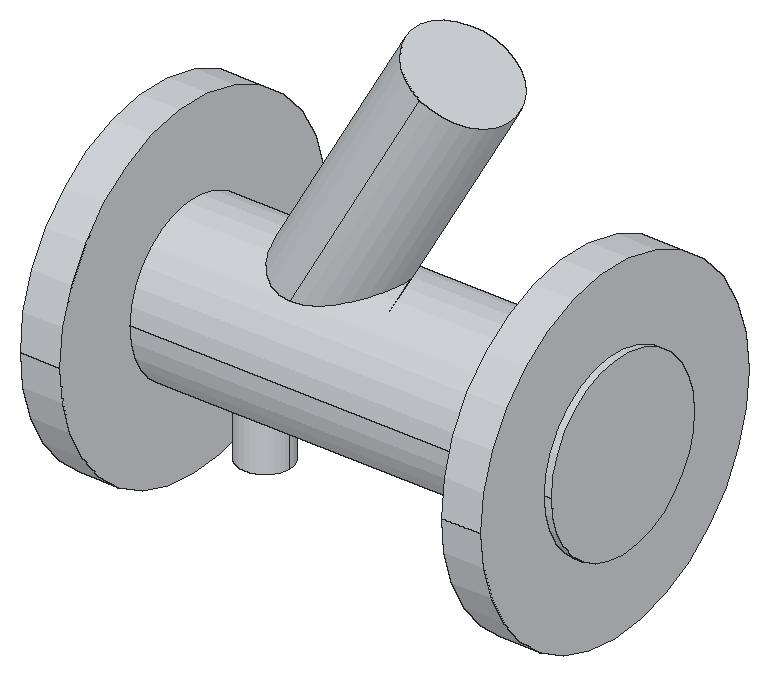
Revit family "HS 821-síto_standard-PN25-DN020-RFA_2019", category Pipe Accessories, Revit 2019
Family settings
  Round Connector Dimension = Use Diameter
  Part Type = Breaks Into
  Work Plane-Based = No
  Always vertical = Yes
  Cut with Voids When Loaded = No
  Shared = No
Parameters (values of type "821D-DN020-PN25-síto_standard")
  magiProductId = "270e0f14012f47189cd0235c18faee"
  magiProductFamilyId = "79214ac3aaa945e397802f559f5c1e"
  magiPartTypeId = 307
  isMeasuringValve [instance] = no
  ang2D [instance] = 0.00°
  ZB__ve = -ZB  # -17.75 mm
  ZB1 = 22.68 mm
  ZB = 17.75 mm
  X2 = 51.673 mm
  X1 = 21 mm
  W2D = 15 mm
  VersionID = "2.0/2017.9.26.1/ZETKAMA_821_001"
  Use Minimum Symbol Size [instance] = yes
  URL = "www.hydronic.cz"
  Type Comments = "Filtr přírubový; síto standardní; A-PN16 (-10~300°C); D-PN25 (-10~350°C); F-PN40 (-10~400°C)"
  S = 56 mm
  QmdConnectorList = "301;D;302;D"
  Productdata [instance] = ""
  Manufacturer = "Hydronic Systems Prague s.r.o."
  MC Product Code = "200 220 (821D; DN020; PN25; kvs11,2; oko síta 1,00mm)"
  LM1 = 12 mm
  LM = 120 mm
  L4 = 37.5 mm
  L2D_Min = 3048 mm
  L2D = 130 mm
  L2 = 75 mm
  HH2 = 89.5 mm
  FD = 105 mm
  Description = "Filtr přírubový; síto standardní; 821A-PN16; 821D-PN25; 821F-PN40"
  DM1 = 33.6 mm
  DM = 50.4 mm
  D = 20 mm
  CC = 2.55 mm
  CAT0 = yes
  C1 = 12.45 mm
  C = 15 mm
  BD = 15.876 mm
Types (40, lengths in mm): name | magiProductId | ZB__ve | ZB1 | ZB | X2 | X1 | S | MC Product Code | LM1 | LM | L4 | L2 | HH2 | FD | DM1 | DM | D | CC | C1 | C | BD
  821A-DN015-PN16-síto_standard | "a71bcfe8b393460598b23e8ddf7dc5" | -16.25 | 18.63 | 16.25 | 46.982 | 18.2 | 46 | "200 115 (821A; DN015; PN16; kvs6,3; oko síta 1,00mm)" | 10.4 | 104 | 32.5 | 65 | 81.375 | 95 | 27.6 | 41.4 | 15 | 2.21 | 10.79 | 13 | 13.041
  821A-DN020-PN16-síto_standard | "41cd6c7a12924f4991217528336076" | -17.75 | 22.68 | 17.75 | 51.673 | 21 | 56 | "200 120 (821A; DN020; PN16; kvs11,2; oko síta 1,00mm)" | 12 | 120 | 37.5 | 75 | 89.5 | 105 | 33.6 | 50.4 | 20 | 2.55 | 12.45 | 15 | 15.876
  821A-DN025-PN16-síto_standard | "be378b463ed14c3abf4c9b3ae8cf3a" | -19.25 | 26.325 | 19.25 | 58.601 | 22.4 | 65 | "200 125 (821A; DN025; PN16; kvs14,7; oko síta 1,00mm)" | 12.8 | 128 | 40 | 80 | 101.5 | 115 | 43.2 | 58.5 | 25 | 2.72 | 13.28 | 16 | 18.427
  821A-DN032-PN16-síto_standard | "227a0d18b21540afabe8b6067d35fa" | -23 | 30.78 | 23 | 68.849 | 25.2 | 76 | "200 132 (821A; DN032; PN16; kvs23,7; oko síta 1,00mm)" | 14.4 | 144 | 45 | 90 | 119.25 | 140 | 50.4 | 68.4 | 32 | 3.06 | 14.94 | 18 | 21.546
  821A-DN040-PN16-síto_standard | "d106917c74724141a10440112d0102" | -24.5 | 34.02 | 24.5 | 75.777 | 28 | 84 | "200 140 (821A; DN040; PN16; kvs37,7; oko síta 1,00mm)" | 16 | 160 | 50 | 100 | 131.25 | 150 | 60 | 75.6 | 40 | 3.4 | 16.6 | 20 | 23.814
  821A-DN050-PN16-síto_standard | "8255d456a09e4f6486734f5dd9171b" | -26.75 | 40.095 | 26.75 | 79.061 | 32.2 | 99 | "200 150 (821A; DN050 PN16; kvs57,9; oko síta 1,00mm)" | 18.4 | 184 | 57.5 | 115 | 136.938 | 165 | 73.8 | 89.1 | 50 | 3.91 | 19.09 | 23 | 28.066
  821A-DN065-PN16-síto_standard | "235b1b3e4c0843779a4d5e3716d40a" | -29.75 | 47.79 | 29.75 | 86.927 | 40.6 | 118 | "200 165 (821A; DN065; PN16; kvs101,5; oko síta 1,25mm)" | 23.2 | 232 | 72.5 | 145 | 150.562 | 185 | 94.2 | 106.2 | 65 | 4.93 | 24.07 | 29 | 33.453
  821A-DN080-PN16-síto_standard | "a067f7c5236348ed8c820d16df7214" | -32 | 53.46 | 32 | 104.753 | 43.4 | 132 | "200 180 (821A; DN080; PN16; kvs147,4; oko síta 1,25mm)" | 24.8 | 248 | 77.5 | 155 | 181.438 | 200 | 107.4 | 118.8 | 80 | 5.27 | 25.73 | 31 | 37.422
  821A-DN100-PN16-síto_standard | "c49a648c2747461285837d643703cd" | -35 | 63.18 | 35 | 114.857 | 49 | 156 | "200 190 (821A; DN100; PN16; kvs209,6; oko síta 1,60mm)" | 28 | 280 | 87.5 | 175 | 198.937 | 220 | 131.4 | 140.4 | 100 | 5.95 | 29.05 | 35 | 44.226
  821A-DN125-PN16-síto_standard | "bf68e728a163493cbd2a663b26ebdc" | -39.5 | 74.52 | 39.5 | 131.888 | 56 | 184 | "200 191 (821A; DN125; PN16; kvs326,2; oko síta 1,60mm)" | 32 | 320 | 100 | 200 | 228.438 | 250 | 165 | 165.6 | 125 | 6.8 | 33.2 | 40 | 52.164
  821A-DN150-PN16-síto_standard | "2de770284b654863ae6bc865769dc5" | -44.75 | 85.455 | 44.75 | 155.885 | 67.2 | 211 | "200 192 (821A; DN150; PN16; kvs403; oko síta 1,60mm)" | 38.4 | 384 | 120 | 240 | 270 | 285 | 192 | 189.9 | 150 | 8.16 | 39.84 | 48 | 59.818
  821A-DN200-PN16-síto_standard | "8e5693371ab64aabb29a7f08c76e15" | -53 | 107.73 | 53 | 188.361 | 84 | 266 | "200 193 (821A; DN200; PN16; kvs707; oko síta 1,60mm)" | 48 | 480 | 150 | 300 | 326.25 | 340 | 252 | 239.4 | 200 | 10.2 | 49.8 | 60 | 75.411
  821A-DN250-PN16-síto_standard | "05e37ed948c34047acdd4c42556504" | -62.75 | 129.195 | 62.75 | 255.911 | 102.2 | 319 | "200 194 (821A; DN250; PN16; kvs1234; oko síta 1,60mm)" | 58.4 | 584 | 182.5 | 365 | 443.25 | 405 | 309.6 | 287.1 | 250 | 12.41 | 60.59 | 73 | 90.436
  821A-DN300-PN16-síto_standard | "9ad0af747269428da925480d83ce80" | -71 | 149.85 | 71 | 325.914 | 119 | 370 | "200 195 (821A; DN300; PN16; kvs1916; oko síta 1,60mm)" | 68 | 680 | 212.5 | 425 | 564.5 | 460 | 369.6 | 333 | 300 | 14.45 | 70.55 | 85 | 104.895
  821A-DN350-PN16-síto_standard | "eebc71459bb3451bb4355e7951370a" | -80 | 173.745 | 80 | 356.875 | 137.2 | 429 | "200 196 (821A; DN350; PN16; kvs2621; oko síta 1,60mm)" | 78.4 | 784 | 245 | 490 | 618.125 | 520 | 438 | 386.1 | 350 | 16.66 | 81.34 | 98 | 121.621
  821A-DN400-PN16-síto_standard | "d2f677cb196647e385b2590e7d8abe" | -89 | 194.4 | 89 | 392.237 | 154 | 480 | "200 197 (821A; DN400; PN16; kvs3460; oko síta 1,60mm)" | 88 | 880 | 275 | 550 | 679.375 | 580 | 498 | 432 | 400 | 18.7 | 91.3 | 110 | 136.08
  821D-DN015-PN25-síto_standard | "27ddcbf555414f8ca1fde329bf9087" | -16.25 | 18.63 | 16.25 | 46.982 | 18.2 | 46 | "200 215 (821D; DN015; PN25; kvs6,3; oko síta 1,00mm)" | 10.4 | 104 | 32.5 | 65 | 81.375 | 95 | 27.6 | 41.4 | 15 | 2.21 | 10.79 | 13 | 13.041
  821D-DN020-PN25-síto_standard | "270e0f14012f47189cd0235c18faee" | -17.75 | 22.68 | 17.75 | 51.673 | 21 | 56 | "200 220 (821D; DN020; PN25; kvs11,2; oko síta 1,00mm)" | 12 | 120 | 37.5 | 75 | 89.5 | 105 | 33.6 | 50.4 | 20 | 2.55 | 12.45 | 15 | 15.876
  821D-DN025-PN25-síto_standard | "b9a7fb4aa36643878c637d8e1ab992" | -19.25 | 26.325 | 19.25 | 58.601 | 22.4 | 65 | "200 225 (821D; DN025; PN25; kvs14,7; oko síta 1,00mm)" | 12.8 | 128 | 40 | 80 | 101.5 | 115 | 43.2 | 58.5 | 25 | 2.72 | 13.28 | 16 | 18.427
  821D-DN032-PN25-síto_standard | "6be9a55c4e68400f94eec7e804204c" | -23 | 30.78 | 23 | 68.849 | 25.2 | 76 | "200 232 (821D; DN032; PN25; kvs23,7; oko síta 1,00mm)" | 14.4 | 144 | 45 | 90 | 119.25 | 140 | 50.4 | 68.4 | 32 | 3.06 | 14.94 | 18 | 21.546
  821D-DN040-PN25-síto_standard | "c54511bd7f584ec2984291479612cb" | -24.5 | 34.02 | 24.5 | 75.777 | 28 | 84 | "200 240 (821D; DN040; PN25; kvs37,7; oko síta 1,00mm)" | 16 | 160 | 50 | 100 | 131.25 | 150 | 60 | 75.6 | 40 | 3.4 | 16.6 | 20 | 23.814
  821D-DN050-PN25-síto_standard | "5483b1f596b04cd39b23a14a22c90e" | -26.75 | 40.095 | 26.75 | 79.061 | 32.2 | 99 | "200 250 (821D; DN050; PN25; kvs57,9; oko síta 1,00mm)" | 18.4 | 184 | 57.5 | 115 | 136.938 | 165 | 73.8 | 89.1 | 50 | 3.91 | 19.09 | 23 | 28.066
  821D-DN065-PN25-síto_standard | "767b0f8318e94750bc7a9930ed5b30" | -29.75 | 47.79 | 29.75 | 86.927 | 40.6 | 118 | "200 265 (821D; DN065; PN25; kvs101,5; oko síta 1,25mm)" | 23.2 | 232 | 72.5 | 145 | 150.562 | 185 | 94.2 | 106.2 | 65 | 4.93 | 24.07 | 29 | 33.453
  821D-DN080-PN25-síto_standard | "e21040fa3cc2404b858198f6b73709" | -32 | 53.46 | 32 | 104.753 | 43.4 | 132 | "200 280 (821D; DN080; PN25; kvs147,4; oko síta 1,25mm)" | 24.8 | 248 | 77.5 | 155 | 181.438 | 200 | 107.4 | 118.8 | 80 | 5.27 | 25.73 | 31 | 37.422
  821D-DN100-PN25-síto_standard | "175ca87a506b40b3bc6b82f12f33cf" | -37.25 | 63.18 | 37.25 | 114.857 | 49 | 156 | "200 290 (821D; DN100; PN25; kvs209,6; oko síta 1,60mm)" | 28 | 280 | 87.5 | 175 | 198.937 | 235 | 131.4 | 140.4 | 100 | 5.95 | 29.05 | 35 | 44.226
  821D-DN125-PN25-síto_standard | "77cc98d60da24855999a22dff726b2" | -42.5 | 74.52 | 42.5 | 131.888 | 56 | 184 | "200 291 (821D; DN125; PN25; kvs326,2; oko síta 1,60mm)" | 32 | 320 | 100 | 200 | 228.438 | 270 | 165 | 165.6 | 125 | 6.8 | 33.2 | 40 | 52.164
  821D-DN150-PN25-síto_standard | "9cf8acfcd15547d68e83172d3abcbe" | -47 | 85.455 | 47 | 155.885 | 67.2 | 211 | "200 292 (821D; DN150; PN25; kvs403; oko síta 1,60mm)" | 38.4 | 384 | 120 | 240 | 270 | 300 | 192 | 189.9 | 150 | 8.16 | 39.84 | 48 | 59.818
  821D-DN200-PN25-síto_standard | "16973f3c9ea14389ba8602495a6b64" | -56 | 110.97 | 56 | 188.361 | 84 | 274 | "200 293 (821D; DN200; PN25; kvs707; oko síta 1,60mm)" | 48 | 480 | 150 | 300 | 326.25 | 360 | 252 | 246.6 | 200 | 10.2 | 49.8 | 60 | 77.679
  821F-DN015-PN40-síto_standard | "4c7eaf3c4c0340888b3e684d8a8616" | -16.25 | 18.225 | 16.25 | 46.982 | 18.2 | 45 | "240 615 (821F; DN015; PN40; kvs6,3; oko síta 1,00mm)" | 10.4 | 104 | 32.5 | 65 | 81.375 | 95 | 27.6 | 40.5 | 15 | 2.21 | 10.79 | 13 | 12.757
  821F-DN020-PN40-síto_standard | "aaac5f1ec96b44d6ba96ac2293d66d" | -17.75 | 23.49 | 17.75 | 51.673 | 21 | 58 | "240 620 (821F; DN020; PN40; kvs11,2; oko síta 1,00mm)" | 12 | 120 | 37.5 | 75 | 89.5 | 105 | 33.6 | 52.2 | 20 | 2.55 | 12.45 | 15 | 16.443
  821F-DN025-PN40-síto_standard | "504768023968471481789485b54c7e" | -19.25 | 27.54 | 19.25 | 58.601 | 22.4 | 68 | "240 625 (821F; DN025; PN40; kvs14,7; oko síta 1,00mm)" | 12.8 | 128 | 40 | 80 | 101.5 | 115 | 43.2 | 61.2 | 25 | 2.72 | 13.28 | 16 | 19.278
  821F-DN032-PN40-síto_standard | "165e7f39cf744f329bdf1c400dad12" | -23 | 31.59 | 23 | 68.849 | 25.2 | 78 | "240 632 (821F; DN032; PN40; kvs23,7; oko síta 1,00mm)" | 14.4 | 144 | 45 | 90 | 119.25 | 140 | 50.4 | 70.2 | 32 | 3.06 | 14.94 | 18 | 22.113
  821F-DN040-PN40-síto_standard | "b8903f952089408fbf3a5a632bab1f" | -24.5 | 35.64 | 24.5 | 75.777 | 28 | 88 | "240 640 (821F; DN040; PN40; kvs37,7; oko síta 1,00mm)" | 16 | 160 | 50 | 100 | 131.25 | 150 | 60 | 79.2 | 40 | 3.4 | 16.6 | 20 | 24.948
  821F-DN050-PN40-síto_standard | "c451f97266fe48da8f879cb6a2bd44" | -26.75 | 41.31 | 26.75 | 79.061 | 32.2 | 102 | "240 650 (821F; DN050; PN40; kvs57,9; oko síta 1,00mm)" | 18.4 | 184 | 57.5 | 115 | 136.938 | 165 | 73.8 | 91.8 | 50 | 3.91 | 19.09 | 23 | 28.917
  821F-DN065-PN40-síto_standard | "dc9821e3f9b34e128f6a8c6b34c198" | -29.75 | 49.41 | 29.75 | 86.927 | 40.6 | 122 | "240 665 (821F; DN065; PN40; kvs101,5; oko síta 1,25mm)" | 23.2 | 232 | 72.5 | 145 | 150.562 | 185 | 94.2 | 109.8 | 65 | 4.93 | 24.07 | 29 | 34.587
  821F-DN080-PN40-síto_standard | "689aa1e260f84cf4994f027a1d86b5" | -32 | 55.89 | 32 | 104.753 | 43.4 | 138 | "240 680 (821F; DN080; PN40; kvs147,4; oko síta 1,25mm)" | 24.8 | 248 | 77.5 | 155 | 181.438 | 200 | 107.4 | 124.2 | 80 | 5.27 | 25.73 | 31 | 39.123
  821F-DN100-PN40-síto_standard | "8a45d4e8e2ab425f8c432f21d684f3" | -37.25 | 65.61 | 37.25 | 114.857 | 49 | 162 | "240 690 (821F; DN100; PN40; kvs209,6; oko síta 1,6mm)" | 28 | 280 | 87.5 | 175 | 198.937 | 235 | 131.4 | 145.8 | 100 | 5.95 | 29.05 | 35 | 45.927
  821F-DN125-PN40-síto_standard | "cf073904c006406b8645afa67ea2fc" | -42.5 | 76.14 | 42.5 | 131.888 | 56 | 188 | "240 691 (821F; DN125; PN40; kvs326,2; oko síta 1,6mm)" | 32 | 320 | 100 | 200 | 228.438 | 270 | 165 | 169.2 | 125 | 6.8 | 33.2 | 40 | 53.298
  821F-DN150-PN40-síto_standard | "0153b9ddabe14992a630484929fdbc" | -47 | 88.29 | 47 | 155.885 | 67.2 | 218 | "240 692 (821F; DN150; PN40; kvs403; oko síta 1,6mm)" | 38.4 | 384 | 120 | 240 | 270 | 300 | 192 | 196.2 | 150 | 8.16 | 39.84 | 48 | 61.803
  821F-DN200-PN40-síto_standard | "7fb3fc01dd8d42428c203e3f8dd4d5" | -56 | 115.425 | 56 | 188.361 | 84 | 285 | "240 693 (821F; DN200; PN40; kvs707; oko síta 1,6mm)" | 48 | 480 | 150 | 300 | 326.25 | 360 | 252 | 256.5 | 200 | 10.2 | 49.8 | 60 | 80.797
Reference planes
  plane 1 "Center (Front/Back)": y = 0
  plane 2 "XYPLANE": z = 0
  plane 3 "Center (Left/Right)": x = 0
  plane 4 "109": x = -48
  plane 5 "108": x = 60
  plane 6 "107": x = -60
  plane 7 "105": x = 75
  plane 8 "104": x = -75
  plane 9 "103": y = 0
  plane 10 "102": z = 0
  plane 11 "101": x = -72.45
  plane 12 "100": x = 72.45
  plane 13 "11": x = -27
  plane 14 "10": z = 89.5
  plane 15 "9": x = 24.673
  plane 16 "5": z = -22.68
  plane 17 "4": x = -37.5
  plane 18 "1": x = 37.5
Forms (mm)
  Extrusion 1, solid, visible <- "CAT0"
    sketch origin (-60, -750, 0) x (0, 1, 0) y (0, 0, 1)
      loop
        circle (750, 0) r 25.2
    from 0 to 120 <- "LM"
  Extrusion 2, solid
    sketch origin (-75, -750, 0) x (0, 1, 0) y (0, 0, 1)
      loop
        circle (750, 0) r 28
    from 0 to 2.55 <- "CC"
  Extrusion 3, solid
    sketch origin (-72.45, -750, 0) x (0, 1, 0) y (0, 0, 1)
      loop
        circle (750, 0) r 52.5
    from 0 to 12.45 <- "C1"
  Extrusion 4, solid
    sketch origin (60, -750, 0) x (0, 1, 0) y (0, 0, 1)
      loop
        circle (750, 0) r 52.5
    from 0 to 12.45 <- "C1"
  Extrusion 5, solid
    sketch origin (72.45, -750, 0) x (0, 1, 0) y (0, 0, 1)
      loop
        circle (750, 0) r 28
    from 0 to 2.55 <- "CC"
  Sweep 6, solid, visible <- "CAT0"
    path origin (750, 0, 0) x (-1, 0, 0) y (0, 0, 1)
      loop
        line (810, 0) -> (777, 0) -> (725.327, 89.5)
    profile origin (-60, 0, 0) x (0, 0, -1) y (0, 1, 0)
      loop
        circle (0, 0) r 16.8
  Extrusion 7, solid, visible <- "CAT0"
    sketch origin (-750, 0, -22.68) x (1, 0, 0) y (0, 1, 0)
      loop
        circle (712.5, 0) r 7.938
    from 0 to -17.75 <- "ZB__ve"
  Extrusion 8, solid, visible <- "CAT0"
    sketch origin (-750, 0, -22.68) x (1, 0, 0) y (0, 1, 0)
      loop
        circle (787.5, 0) r 7.938
    from 0 to -17.75 <- "ZB__ve"
  Extrusion 9, solid, not visible
    sketch origin (75, -750, 0) x (0, 1, 0) y (0, 0, 1)
      loop
        circle (750, 0) r 10
    from 0 to -10
  Extrusion 10, solid, not visible
    sketch origin (-75, -750, 0) x (0, 1, 0) y (0, 0, 1)
      loop
        circle (750, 0) r 10
    from 0 to 10
Lines and regions (mm)
  reference lines, not visible
    curve 1: circle (2, 2, 0) r 1 normal (0, 0, 1)
Dimensions and locks
  plane 1 "Center (Front/Back)" to curve 1 = 2 mm
  "LM1": plane 6 "107" to plane 4 "109"
  "LM": plane 6 "107" to plane 5 "108"
  "C": plane 8 "104" to plane 6 "107"
  "L2": plane 3 "Center (Left/Right)" to plane 7 "105"
  "L2": plane 3 "Center (Left/Right)" to plane 8 "104"
  locked: plane 1 "Center (Front/Back)" to plane 9 "103"
  locked: plane 2 "XYPLANE" to plane 10 "102"
  "CC": plane 8 "104" to plane 11 "101"
  "C1": plane 5 "108" to plane 12 "100"
  "X1": plane 4 "109" to plane 13 "11"
  "HH2": plane 2 "XYPLANE" to plane 14 "10"
  "X2": plane 13 "11" to plane 15 "9"
  "ZB1": plane 2 "XYPLANE" to plane 16 "5"
  "L4": plane 8 "104" to plane 17 "4"
  "L2": plane 17 "4" to plane 18 "1"
  Sweep 6 sketch curve to Sweep 6 sketch curve = 0 mm  (x2)
  "DM": diameter of Extrusion 1 sketch curve
  "S": diameter of Extrusion 2 sketch curve
  "FD": diameter of Extrusion 3 sketch curve
  "FD": diameter of Extrusion 4 sketch curve
  "S": diameter of Extrusion 5 sketch curve
  "DM1": diameter of Sweep 6 sketch curve
  "BD": diameter of Extrusion 7 sketch curve
  "BD": diameter of Extrusion 8 sketch curve
  aligned and locked: level to plane 2 "XYPLANE"
  aligned and locked: Extrusion 1 sketch curve to plane 9 "103"
  aligned and locked: plane 10 "102" to Extrusion 1 sketch curve
  aligned and locked: Extrusion 2 sketch curve to plane 9 "103"
  aligned and locked: plane 10 "102" to Extrusion 2 sketch curve
  aligned and locked: Extrusion 3 sketch curve to plane 9 "103"
  aligned and locked: plane 10 "102" to Extrusion 3 sketch curve
  aligned and locked: Extrusion 4 sketch curve to plane 9 "103"
  aligned and locked: plane 10 "102" to Extrusion 4 sketch curve
  aligned and locked: Extrusion 5 sketch curve to plane 9 "103"
  aligned and locked: plane 10 "102" to Extrusion 5 sketch curve
  aligned and locked: Sweep 6 sketch curve to plane 9 "103"
  aligned and locked: plane 10 "102" to Sweep 6 sketch curve  (x3)
  aligned and locked: plane 6 "107" to Sweep 6 sketch curve
  aligned and locked: plane 13 "11" to Sweep 6 sketch curve
  aligned and locked: plane 14 "10" to Sweep 6 sketch curve
  aligned and locked: plane 15 "9" to Sweep 6 sketch curve
  aligned and locked: plane 9 "103" to Extrusion 7 sketch curve
  aligned and locked: plane 17 "4" to Extrusion 7 sketch curve
  aligned and locked: plane 9 "103" to Extrusion 8 sketch curve
  aligned and locked: plane 18 "1" to Extrusion 8 sketch curve
  aligned and locked: Extrusion 9 sketch curve to plane 9 "103"
  aligned and locked: plane 10 "102" to Extrusion 9 sketch curve
  aligned and locked: Extrusion 10 sketch curve to plane 9 "103"
  aligned and locked: plane 10 "102" to Extrusion 10 sketch curve
Automatic sketch dimensions
  plane 1 "Center (Front/Back)" to Extrusion 9 sketch curve = 10 mm
  plane 1 "Center (Front/Back)" to Extrusion 10 sketch curve = 10 mm
  plane 3 "Center (Left/Right)" to curve 1 = 2 mm
  radius of curve 1 = 1 mm
Connectors
  piping at (-75, 0, 0), diameter 20, driven by "D"
    settings: on Extrusion 10, index 1, connector inside diameter 609.6 mm, connector length 0 mm, flow factor 0, pipe flow 0.0 L/s, pressure drop 0.0 Pa, fitting loss kfactor 0, connector angle 0.00°, fixture units 0, engagement length 0 mm, angle of deflection 0.00°, flow configuration 0, flow direction 0, fitting loss method 0, system type 29, joint type 0, gender type 0, connector reference index 2, connector utility 0, adjustable connector no, is connector primary yes, connector description ""
  piping at (75, 0, 0), diameter 20, driven by "D"
    settings: on Extrusion 9, index 2, connector inside diameter 609.6 mm, connector length 0 mm, flow factor 0, pipe flow 0.0 L/s, pressure drop 0.0 Pa, fitting loss kfactor 0, connector angle 0.00°, fixture units 0, engagement length 0 mm, angle of deflection 0.00°, flow configuration 0, flow direction 0, fitting loss method 0, system type 29, joint type 0, gender type 0, connector reference index 1, connector utility 0, adjustable connector no, is connector primary no, connector description ""
